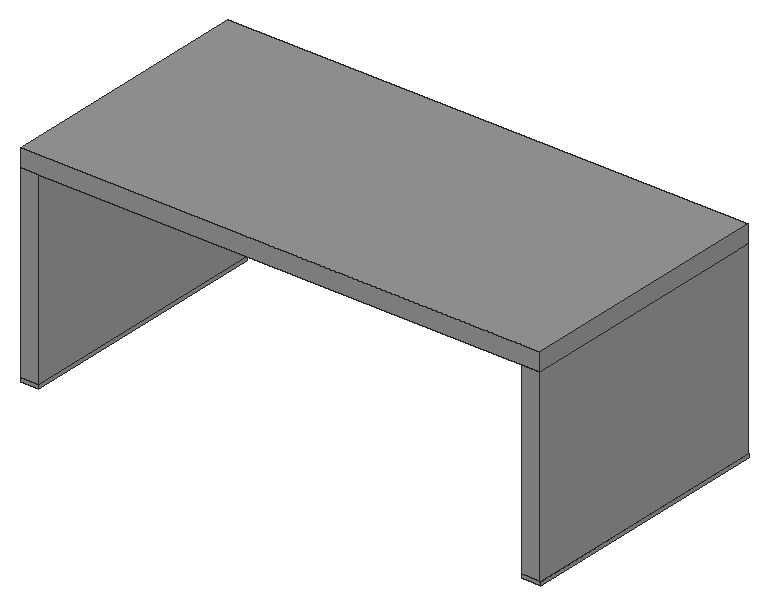
Revit family "Cocoon Community Table 36x72x29", category Generic Models, Revit 2018
Family settings
  Can host rebar = No
  Round Connector Dimension = Use Diameter
  Part Type = Normal
  Work Plane-Based = No
  Always vertical = Yes
  Cut with Voids When Loaded = No
  Shared = No
  Room Calculation Point = No
Parameters
  Frame = Cocoon Community Table 36x72x29 Frame
  Surface = Cocoon Community Table 36x72x29 Surface
Reference planes (in)
  plane 1 "Center (Front/Back)": y = 0
  plane 2: z = 0
  plane 3 "Center (Left/Right)": x = 0
Forms (in)
  Extrusion 1, solid, material "Cocoon Community Table 36x72x29 Frame" <- "Frame"
    sketch origin (0, 0, 0) x (1, 0, 0) y (0, 0, 1)
      loop
        line (-36, 0.5) -> (-36, 0) -> (-33.5, 0) -> (-33.5, 0.5) -> (-36, 0.5)
      loop
        line (36, 0.5) -> (33.5, 0.5) -> (33.5, 0) -> (36, 0) -> (36, 0.5)
    from -18 to 18
  Extrusion 2, solid, material "Cocoon Community Table 36x72x29 Surface" <- "Surface"
    sketch origin (0, 0, 0) x (1, 0, 0) y (0, 0, 1)
      loop
        line (-36, 29) -> (-36, 26.5) -> (36, 26.5) -> (36, 29) -> (-36, 29)
    from -18 to 18
  Extrusion 3, solid, material "Cocoon Community Table 36x72x29 Frame" <- "Frame"
    sketch origin (0, 0, 0) x (1, 0, 0) y (0, 0, 1)
      loop
        line (-36, 26.5) -> (-36, 0.5) -> (-33.5, 0.5) -> (-33.5, 26.5) -> (-36, 26.5)
      loop
        line (33.5, 26.5) -> (33.5, 0.5) -> (36, 0.5) -> (36, 26.5) -> (33.5, 26.5)
    from -18 to 18
Dimensions and locks (in)
  aligned and locked: plane 2 to level
